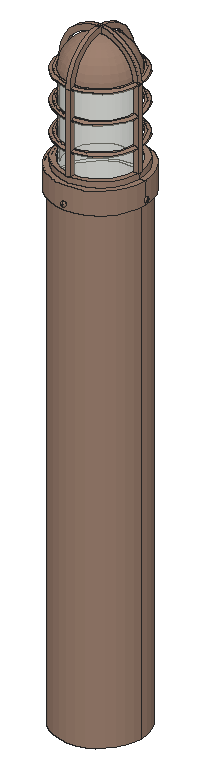
Revit family "BOL15", category Generic Models, host Floor, Revit 2024
Family settings
  Host = Floor
  Can host rebar = No
  Round Connector Dimension = Use Diameter
  Part Type = Normal
  Always vertical = Yes
  Cut with Voids When Loaded = No
  Maintain Annotation Orientation = No
  Shared = No
  Room Calculation Point = No
Parameters
  Default Elevation = 0' - 0"
Reference planes (in)
  plane 1 "Center (Front/Back)": y = 0
  plane 2: z = 0
  plane 3 "Center (Left/Right)": x = 0
Forms (in)
  Revolve 1, solid
    sketch origin (0, 0, 0) x (1, 0, 0) y (0, 0, 1)
      loop
        line (-2.875, 33) -> (-2.875, 0) -> (-2.78125, 0) -> (-2.78125, 33.09375) -> (-3.03125, 33.09375) -> (-3.03125, 34.40625) -> (-2.65625, 34.40625) -> (-2.65625, 34.78125) -> (-2.412, 34.78125) -> (-2.412, 34.875) -> (-2.75, 34.875) -> (-2.75, 34.5) -> (-3.125, 34.5) -> (-3.125, 33) -> (-2.875, 33)
      loop
        arc (0, 42.53931) -> (-1.65587, 41.85276) -> (-2.34562, 40.19822) r 2.34951
        line (-2.34562, 40.19822) -> (-2.25187, 40.19822)
        arc (-2.25187, 40.19822) -> (-1.58958, 41.78647) -> (0, 42.44556) r 2.25576
        line (0, 42.44556) -> (0, 42.53931)
      axis (0, 42.53931) -> (0, 0)
    angle from 0 to 360
  Revolve 2, solid, material "62"
    sketch origin (0, 0, 0) x (1, 0, 0) y (0, 0, 1)
      loop
        line (-3.22718, 33.35476) -> (-3.125, 33.35476) -> (-3.125, 33.50476) -> (-3.16718, 33.50476)
        arc (-3.16718, 33.50476) -> (-3.20961, 33.48719) -> (-3.22718, 33.44476) r 0.06
        line (-3.22718, 33.44476) -> (-3.22718, 33.35476)
      axis (-3.22718, 33.35476) -> (-3.125, 33.35476)
    angle from 0 to 360
  Revolve 3, solid, material "62"
    sketch origin (0, 0, 0) x (0, -1, 0) y (0, 0, 1)
      loop
        line (-3.22718, 33.35476) -> (-3.125, 33.35476) -> (-3.125, 33.50476) -> (-3.16718, 33.50476)
        arc (-3.16718, 33.50476) -> (-3.20961, 33.48719) -> (-3.22718, 33.44476) r 0.06
        line (-3.22718, 33.44476) -> (-3.22718, 33.35476)
      axis (-3.22718, 33.35476) -> (-3.125, 33.35476)
    angle from 0 to 360
  Revolve 4, solid, material "62"
    sketch origin (0, 0, 0) x (0, 1, 0) y (0, 0, 1)
      loop
        line (-3.22718, 33.35476) -> (-3.125, 33.35476) -> (-3.125, 33.50476) -> (-3.16718, 33.50476)
        arc (-3.16718, 33.50476) -> (-3.20961, 33.48719) -> (-3.22718, 33.44476) r 0.06
        line (-3.22718, 33.44476) -> (-3.22718, 33.35476)
      axis (-3.22718, 33.35476) -> (-3.125, 33.35476)
    angle from 0 to 360
  Revolve 5, solid, material "62"
    sketch origin (0, 0, 0) x (-1, 0, 0) y (0, 0, 1)
      loop
        line (-3.22718, 33.35476) -> (-3.125, 33.35476) -> (-3.125, 33.50476) -> (-3.16718, 33.50476)
        arc (-3.16718, 33.50476) -> (-3.20961, 33.48719) -> (-3.22718, 33.44476) r 0.06
        line (-3.22718, 33.44476) -> (-3.22718, 33.35476)
      axis (-3.22718, 33.35476) -> (-3.125, 33.35476)
    angle from 0 to 360
  Extrusion 6, solid, material "62"
    sketch origin (0, 0, 0) x (1, 0, 0) y (0, 0, 1)
      loop
        line (-2.75, 34.875) -> (-2.412, 34.875) -> (-2.412, 40.2584)
        arc (-2.412, 40.2584) -> (-1.65854, 42.00129) -> (0.12273, 42.65888) r 2.41201
        arc (0.12273, 42.65888) -> (1.7455, 41.91463) -> (2.412, 40.2584) r 2.41201
        line (2.412, 40.2584) -> (2.412, 34.875) -> (2.75, 34.875) -> (2.75, 40.241)
        arc (2.75, 40.241) -> (0, 43) -> (-2.75, 40.241) r 2.75001
        line (-2.75, 40.241) -> (-2.75, 34.875)
    from -0.142 to 0.142
  Extrusion 7, solid, material "62"
    sketch origin (0, 0, 0) x (0, 1, 0) y (0, 0, 1)
      loop
        line (-2.75, 40.241) -> (-2.75, 34.875) -> (-2.412, 34.875) -> (-2.412, 40.2584)
        arc (-2.412, 40.2584) -> (-1.71633, 41.94469) -> (-0.03899, 42.66168) r 2.41201
        arc (-0.03899, 42.66168) -> (1.68871, 41.97221) -> (2.412, 40.2584) r 2.41201
        line (2.412, 40.2584) -> (2.412, 34.875) -> (2.75, 34.875) -> (2.75, 40.241)
        arc (2.75, 40.241) -> (0, 43) -> (-2.75, 40.241) r 2.75001
    from -0.142 to 0.142
  Revolve 8, solid
    sketch origin (0, 0, 0) x (1, 0, 0) y (0, 0, 1)
      loop
        line (-2.287, 40.19822) -> (-2.287, 34.51159) -> (-2.19325, 34.51159) -> (-2.19325, 40.19822) -> (-2.287, 40.19822)
      axis (0, 40.19822) -> (0, 34.51159)
    angle from 0 to 360
  Revolve 9, solid, material "62"
    sketch origin (0, 0, 0) x (1, 0, 0) y (0, 0, 1)
      loop
        line (-2.40523, 40.43075) -> (-2.54475, 40.43075) -> (-2.7488, 40.33156)
        arc (-2.7488, 40.33156) -> (-2.74946, 40.30505) -> (-2.74987, 40.27854) r 2.75001
        line (-2.74987, 40.27854) -> (-2.54475, 40.17883) -> (-2.412, 40.17883) -> (-2.412, 40.2584)
        arc (-2.412, 40.2584) -> (-2.41016, 40.34464) -> (-2.40523, 40.43075) r 2.41201
      loop
        line (-2.412, 38.47883) -> (-2.54475, 38.47883) -> (-2.7488, 38.37965)
        arc (-2.7488, 38.37965) -> (-2.74946, 38.35314) -> (-2.74987, 38.32662) r 2.75001
        line (-2.74987, 38.32662) -> (-2.54475, 38.22692) -> (-2.412, 38.22692) -> (-2.412, 38.47883)
      loop
        line (-2.412, 36.52639) -> (-2.54475, 36.52639) -> (-2.7488, 36.4272)
        arc (-2.7488, 36.4272) -> (-2.74946, 36.40069) -> (-2.74987, 36.37418) r 2.75001
        line (-2.74987, 36.37418) -> (-2.54475, 36.27447) -> (-2.412, 36.27447) -> (-2.412, 36.52639)
      axis (0, 40.43075) -> (0, 36.27447)
    angle from 0 to 360
Dimensions and locks (in)
  equal spacing: host sketch curve, plane 1 "Center (Front/Back)", host sketch curve
  equal spacing: host sketch curve, plane 3 "Center (Left/Right)", host sketch curve
  host sketch curve to host sketch curve = 10' - 0"  (x2)
  aligned and locked: level to plane 2
